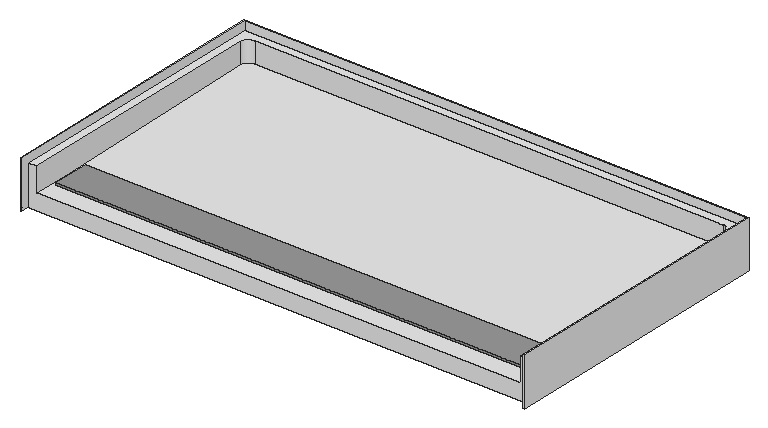
Revit family "P26333A75FTT.V3,A2FTT,A75FTB,A2FTB", category Plumbing Fixtures, Revit 2017
Family settings
  Round Connector Dimension = Use Diameter
  Part Type = Normal
  OmniClass Number = 23.45.05.14.17
  OmniClass Title = Showers
  Work Plane-Based = No
  Always vertical = Yes
  Cut with Voids When Loaded = No
  Shared = No
  Room Calculation Point = No
Parameters (values of type "P26333A2FTB.V3")
  Unit Width = 63"
  Unit Height = 7"
  Unit Depth = 34"
  URL = "http://www.bestbath.com"
  Type Comments = "ADA Compliant"
  Threshold Height = 2"
  Model = "P26333A2FTB.V3"
  Material [instance] = Best Bath Gelcoat Fiberglass - 8in Tile
  Manufacturer = "Best Bath Systems, Inc."
  Keynote = "22 40 00.B3"
  Description = "Trench Drain, Bevelled Threshold"
  Assembly Code = "D2010710"
Types (5): name | Unit Height | Threshold Height | Model | Description
  (no name) | 7" | 2" | "P26333A2FTB.V3" | "Trench Drain, Bevelled Threshold"
  P26333A75FTT.V3 | 5 3/4" | 3/4" | "P26333A75FTT.V3" | "Trench Drain, Traditional Bull-Nose Threshold"
  P26333A2FTT.V3 | 7" | 2" | "P26333A2FTT.V3" | "Trench Drain, Traditional Bull-Nose Threshold"
  P26333A75FTB.V3 | 5 3/4" | 3/4" | "P26333A75FTB.V3" | "Trench Drain, Bevelled Threshold"
  P26333A2FTB.V3 | 7" | 2" | "P26333A2FTB.V3" | "Trench Drain, Bevelled Threshold"
Reference planes (in)
  plane 1 "Back": y = 0.56113
  plane 2: z = 0
  plane 3 "Left": x = 0
  plane 4: x = 63
  plane 5: y = -33.43887
  plane 6: z = 6
  plane 7: z = 2
  plane 8: z = 7
  plane 9: x = 31.5
  plane 10: z = 20
  plane 11: y = -33.06387
  plane 12: z = 36
  plane 13: y = -34.43887
  plane 14: x = 61.75
  plane 15: x = 1.25
  plane 16: y = -0.68887
  plane 17: x = 61.5
  plane 18: y = -28.68887
  plane 19: y = -34.43887
  plane 20: y = -31.00137
  plane 21: y = -26.37637
  plane 22: z = 2.5
  plane 23: z = 2.75
  plane 24: z = 5
  plane 25: z = 6
  plane 26: z = -28
  plane 27: z = -27
  plane 28: z = 2.25
Forms (in)
  Extrusion 1, solid, material "Best Bath Gelcoat Fiberglass - Smooth"
    sketch origin (0, 0, 0) x (1, 0, 0) y (0, 1, 0)
      loop
        line (61.75, -33.43887) -> (63, -33.43887) -> (63, 0.56113) -> (0, 0.56113) -> (0, -33.43887) -> (1.25, -33.43887) -> (1.25, -1.68887)
        arc (1.25, -1.68887) -> (1.54289, -0.98177) -> (2.25, -0.68887) r 1
        line (2.25, -0.68887) -> (60.75, -0.68887)
        arc (60.75, -0.68887) -> (61.45711, -0.98177) -> (61.75, -1.68887) r 1
        line (61.75, -1.68887) -> (61.75, -33.43887)
    from 0 to 5
  Extrusion 2, solid, material "Stainless Steel, Brushed"
    sketch origin (0, 4.375, 6.67647) x (1, 0, 0) y (0, 1, 0)
      loop
        line (1.6875, -35.37637) -> (61.3125, -35.37637) -> (61.3125, -30.75137) -> (1.6875, -30.75137) -> (1.6875, -35.37637)
    from -4.42647 to -6.67647
  Extrusion 3, solid, material "Best Bath Gelcoat Fiberglass - Smooth"
    sketch origin (0, 0, 0) x (1, 0, 0) y (0, 1, 0)
      loop
        line (0, 0.56113) -> (0, -34.43887) -> (0.125, -34.43887) -> (0.125, 0.43613) -> (62.875, 0.43613) -> (62.875, -34.43887) -> (63, -34.43887) -> (63, 0.56113) -> (0, 0.56113)
    from 0 to 6
  Extrusion 4, void
    sketch origin (1.25, -35.28284, 0) x (-1, 0, 0) y (0, 0, 1)
      loop
        line (-60.25, 2) -> (-60.25, 1.74761) -> (-30.25, 0.375) -> (-0.25, 1.74761) -> (-0.25, 2) -> (-60.25, 2)
    from 4.06294 to 9.125
  Extrusion 5, solid, material "Best Bath Gelcoat Fiberglass - Smooth"
    sketch origin (0, 0, 0) x (0, 1, 0) y (0, 0, 1)
      loop
        line (-33.43994, 0) -> (-0.68887, 0) -> (-0.68887, 2.4795) -> (-28.68887, 1.99731) -> (-33.43994, 1.99731) -> (-33.43994, 0)
    from 0 to 63
Cuts and joins
  Extrusion 4 cuts Extrusion 1
  joined: Extrusion 1, Extrusion 5
  Extrusion 4 cuts Extrusion 3
Lines and regions (in)
  reference lines
    curve 1: line (0, -0.68887, 2.56898) -> (0, -33.28561, 2)
    curve 2: line (5.50541, 0.56113, 0) -> (5.50541, 0.56113, 2)
    curve 3: line (26.75, 0.56113, 5.75) -> (26.75, 0.56113, 6.75)
Dimensions and locks (in)
  "Unit Width": plane 3 "Left" to plane 4
  "Threshold Height": plane 7 to level
  locked: plane 8 to plane 6 at 1
  "Unit Height": plane 8 to level
  equal spacing: plane 3 "Left", plane 9, plane 4
  locked: plane 11 to plane 1 "Back" at 33.625
  locked: plane 10 to plane 7 at 18
  locked: plane 12 to plane 7 at 34
  locked: plane 5 to plane 13 at 1
  plane 3 "Left" to Extrusion 2 = 61 5/16"
  locked: plane 3 "Left" to plane 15 at 1.25
  locked: plane 14 to plane 4 at 1.25
  locked: plane 16 to plane 1 "Back" at 1.25
  plane 11 to plane 19 = 1 3/8"
  plane 11 to plane 20 to plane 21 = 2 1/16", 4 5/8"
  plane 20 to plane 21 = 4 5/8"
  plane 22 to plane 7 = 1/2"
  plane 23 to plane 7 = 3/4"
  locked: plane 24 to plane 7 at 3
  locked: plane 25 to plane 24 at 1
  locked: plane 6 to plane 26 at 34
  locked: plane 27 to plane 26 at 1
  "Unit Depth": plane 1 "Back" to plane 5
  plane 28 to plane 7 = 1/4"
  aligned and locked: level to plane 2
  aligned and locked: Extrusion 1 sketch curve to plane 4
  aligned and locked: Extrusion 1 sketch curve to plane 5
  aligned and locked: Extrusion 1 sketch curve to plane 15
  aligned and locked: plane 14 to Extrusion 1 sketch curve
  aligned and locked: plane 16 to Extrusion 1 sketch curve
  aligned and locked: plane 24 to Extrusion 1
  aligned and locked: level to Extrusion 5 sketch curve
  aligned and locked: plane 25 to Extrusion 3
  aligned and locked: Extrusion 2 to plane 28
Automatic sketch dimensions
  Extrusion 3 sketch curve to plane 3 "Left" = 0"
  Extrusion 3 sketch curve to plane 13 = 0"  (x2)
  Extrusion 3 sketch curve to plane 4 = 0"
  plane 1 "Back" to Extrusion 3 sketch curve = 0"
  plane 4 to Extrusion 3 sketch curve = 1/8"
  plane 1 "Back" to Extrusion 3 sketch curve = 1/8"
  plane 3 "Left" to Extrusion 3 sketch curve = 1/8"
  plane 21 to Extrusion 2 sketch curve = 0"
  plane 20 to Extrusion 2 sketch curve = 0"
  plane 3 "Left" to Extrusion 2 sketch curve = 1 11/16"
  plane 4 to Extrusion 2 sketch curve = 1 11/16"
  Extrusion 1 sketch curve to plane 3 "Left" = 0"
  Extrusion 1 sketch curve to plane 5 = 0"
  plane 1 "Back" to Extrusion 1 sketch curve = 0"
  Extrusion 1 sketch curve to Extrusion 1 sketch curve = 1"
  Extrusion 1 sketch curve to plane 14 = 1"
  Extrusion 4 sketch curve to Extrusion 4 sketch curve = 30"
  Extrusion 4 sketch curve to Extrusion 4 sketch curve = 0.25239"  (x2)
  Extrusion 4 sketch curve to Extrusion 4 sketch curve = 0"
  Extrusion 4 sketch curve to plane 7 = 0"
  Extrusion 4 sketch curve to plane 17 = 0"
  plane 3 "Left" to Extrusion 4 sketch curve = 1 1/2"
  level to Extrusion 4 sketch curve = 3/8"
  curve 1 to plane 7 = 0"
  curve 1 to plane 23 = 0.18102"
  plane 1 "Back" to curve 1 = 1 1/4"
  Extrusion 5 sketch curve to plane 5 = 0.00107"
  plane 1 "Back" to Extrusion 5 sketch curve = 1 1/4"
  Extrusion 5 sketch curve to plane 7 = 0.00269"
  Extrusion 5 sketch curve to plane 22 = 0.0205"
  Extrusion 5 sketch curve to plane 18 = 0"
  curve 2 to plane 7 = 0"
  curve 2 to level = 0"
  plane 3 "Left" to curve 2 = 5.50541"
  plane 25 to curve 3 = 3/4"
  plane 9 to curve 3 = 4 3/4"
  curve 3 to plane 25 = 1/4"
  plane 5 to curve 1 = 0.15327"
